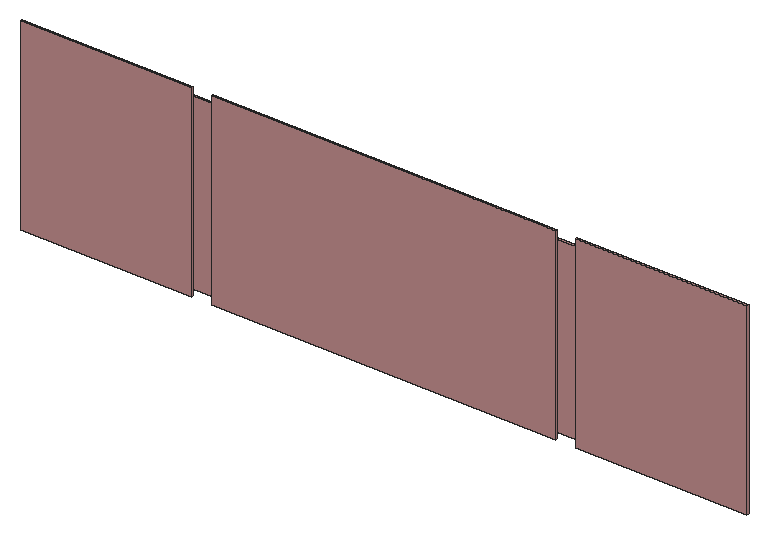
Revit family "76132 - EPIX SHELVES - DIVIDER", category Furniture, Revit 2018
Family settings
  OmniClass Number = 23.40.20.00
  OmniClass Title = General Furniture and Specialties
  Work Plane-Based = No
  Always vertical = Yes
  Cut with Voids When Loaded = No
  Shared = No
  Room Calculation Point = No
Parameters
  URL = "http://www.keilhauer.com/"
  Model = "76132"
  Manufacturer = "Keilhauer"
  Description = "Felt Divider Panel"
Reference planes
  plane 1 "Center (Front/Back)": y = 0
  plane 2: z = 0
  plane 3 "Center (Left/Right)": x = 0
Forms (mm)
  Extrusion 1, solid, material "#Felt"
    sketch origin (0, 0, 0) x (1, 0, 0) y (0, 0, 1)
      loop
        line (-739.14, 381) -> (-739.14, 0) -> (-390.512, 0) -> (-390.512, 381) -> (-739.14, 381)
      loop
        line (-349.237, 381) -> (-349.237, 0) -> (349.237, 0) -> (349.237, 381) -> (-349.237, 381)
      loop
        line (390.512, 381) -> (390.512, 0) -> (739.14, 0) -> (739.14, 381) -> (390.512, 381)
    from 0 to 3.175
  Extrusion 2, solid, material "#Felt"
    sketch origin (0, 0, 0) x (1, 0, 0) y (0, 0, 1)
      loop
        line (732.79, 365.125) -> (-732.79, 365.125) -> (-732.79, 12.7) -> (732.79, 12.7) -> (732.79, 365.125)
      loop
        arc (-726.44, 361.95) -> (-728.685, 361.02) -> (-729.615, 358.775) r 3.175
        line (-729.615, 358.775) -> (-729.615, 19.05)
        arc (-729.615, 19.05) -> (-728.685, 16.805) -> (-726.44, 15.875) r 3.175
        line (-726.44, 15.875) -> (-396.862, 15.875)
        arc (-396.862, 15.875) -> (-394.617, 16.805) -> (-393.687, 19.05) r 3.175
        line (-393.687, 19.05) -> (-393.687, 358.775)
        arc (-393.687, 358.775) -> (-394.617, 361.02) -> (-396.862, 361.95) r 3.175
        line (-396.862, 361.95) -> (-726.44, 361.95)
      loop
        arc (-346.062, 19.05) -> (-345.132, 16.805) -> (-342.887, 15.875) r 3.175
        line (-342.887, 15.875) -> (342.887, 15.875)
        arc (342.887, 15.875) -> (345.132, 16.805) -> (346.062, 19.05) r 3.175
        line (346.062, 19.05) -> (346.062, 358.775)
        arc (346.062, 358.775) -> (345.132, 361.02) -> (342.887, 361.95) r 3.175
        line (342.887, 361.95) -> (-342.887, 361.95)
        arc (-342.887, 361.95) -> (-345.132, 361.02) -> (-346.062, 358.775) r 3.175
        line (-346.062, 358.775) -> (-346.062, 19.05)
      loop
        arc (393.687, 19.05) -> (394.617, 16.805) -> (396.862, 15.875) r 3.175
        line (396.862, 15.875) -> (726.44, 15.875)
        arc (726.44, 15.875) -> (728.685, 16.805) -> (729.615, 19.05) r 3.175
        line (729.615, 19.05) -> (729.615, 358.775)
        arc (729.615, 358.775) -> (728.685, 361.02) -> (726.44, 361.95) r 3.175
        line (726.44, 361.95) -> (396.862, 361.95)
        arc (396.862, 361.95) -> (394.617, 361.02) -> (393.687, 358.775) r 3.175
        line (393.687, 358.775) -> (393.687, 19.05)
    from -3.175 to 0
Dimensions and locks
  aligned and locked: level to plane 2
